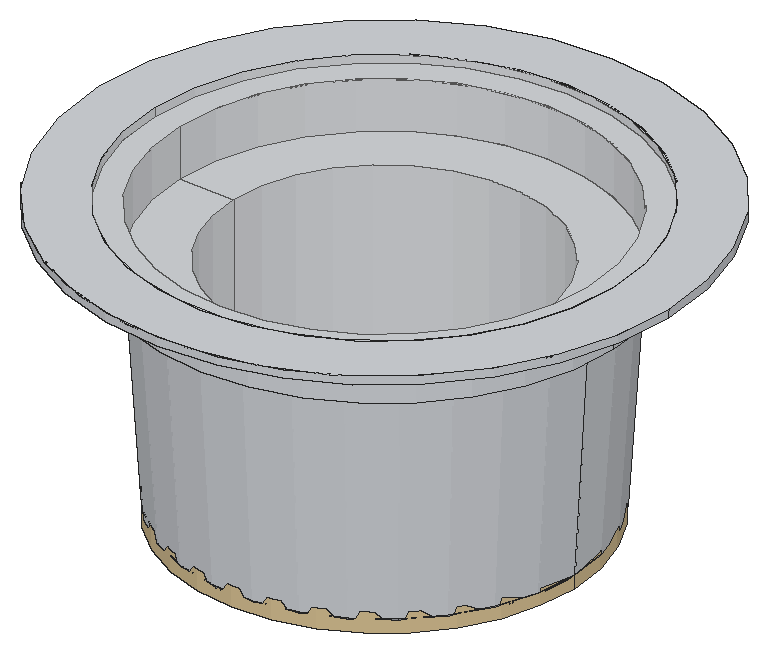
Revit family "Lighting-CommercialSector-GEWISS-ELIA-AL-LED_ACCENT_D145", category Apparecchi per illuminazione, host Superficie, Revit 2019 (continued)
Types (16, lengths in mm): name | Technical sheet | Optic | built-in parameter 1150142 | Lumen output (lm) | Model | IDT | File diagramma fotometrico | Description | Colour temperature: | Colour temperature
  GWF1410GG840 - ELIA AL S2 40K 36° ST.ALONE ON/OFF CRI80 | "https://www.gewiss.com/ww/en/search?q=GWF1100VC846" | "36°" | "IESNA:LM-63-1995\r\n[TEST] 1\r\n[DATE] 27 Nov 2019\r\n[MANUFAC] GEWISS\r\n[LUMCAT] GWF1410GG840\r\n[LUMINAIRE] ELIA AL - S2 36° LED840 18W\r\n[FLASHAREA] 0.002016\r\n[LAMPCAT] LED 18W/2030lm\r\n[LAMP] LED 18W/2030lm\r\nTILT=NONE\r\n1 2030.00 1.0 91 4 1 2 -0.103 0.000 0.000\r\n1.00 1.00 18.00\r\n0.00 1.00 2.00 3.00 4.00 5.00 6.00 7.00 8.00 9.00 10.00 \r\n11.00 12.00 13.00 14.00 15.00 16.00 17.00 18.00 19.00 \r\n20.00 21.00 22.00 23.00 24.00 25.00 26.00 27.00 28.00 \r\n29.00 30.00 31.00 32.00 33.00 34.00 35.00 36.00 37.00 \r\n38.00 39.00 40.00 41.00 42.00 43.00 44.00 45.00 46.00 \r\n47.00 48.00 49.00 50.00 51.00 52.00 53.00 54.00 55.00 \r\n56.00 57.00 58.00 59.00 60.00 61.00 62.00 63.00 64.00 \r\n65.00 66.00 67.00 68.00 69.00 70.00 71.00 72.00 73.00 \r\n74.00 75.00 76.00 77.00 78.00 79.00 80.00 81.00 82.00 \r\n83.00 84.00 85.00 86.00 87.00 88.00 89.00 90.00 \r\n0.00 30.00 60.00 90.00 \r\n4384.80 4371.60 4342.17 4301.57 4251.84 4183.83 4092.48 \r\n3996.05 3877.30 3746.36 3603.25 3442.88 3271.34 3088.64 \r\n2897.82 2707.00 2508.06 2312.37 2120.33 1936.21 1759.30 \r\n1595.78 1445.66 1301.74 1178.11 1066.36 965.57 877.97 \r\n799.01 728.87 666.75 611.13 560.79 515.01 474.21 436.96 \r\n400.82 368.34 337.59 309.27 280.04 253.04 226.18 197.86 \r\n169.18 140.09 111.73 87.76 67.22 48.19 32.87 23.25 17.20 \r\n11.67 7.91 5.84 4.59 3.70 3.04 2.51 2.13 1.83 1.55 1.38 \r\n1.24 1.11 1.05 1.00 0.94 0.90 0.83 0.80 0.74 0.69 0.65 \r\n0.59 0.54 0.49 0.41 0.34 0.25 0.16 0.11 0.04 0.00 0.00 \r\n0.00 0.00 0.00 0.00 0.00 \r\n4369.57 4361.45 4332.02 4294.46 4238.13 4173.17 4087.40 \r\n3989.96 3874.76 3740.27 3593.10 3431.71 3260.18 3077.99 \r\n2891.73 2699.90 2504.00 2309.18 2118.36 1932.10 1757.88 \r\n1593.40 1443.74 1306.46 1180.24 1068.03 968.06 879.35 \r\n800.68 731.00 668.53 613.92 565.20 520.59 480.96 443.91 \r\n410.31 377.33 347.43 319.07 290.54 262.86 236.01 206.14 \r\n176.79 146.31 116.01 89.18 66.30 46.79 32.01 22.44 16.02 \r\n10.52 7.30 5.52 4.38 3.60 2.99 2.51 2.13 1.82 1.54 1.36 \r\n1.24 1.13 1.06 1.02 0.98 0.90 0.85 0.81 0.75 0.71 0.65 \r\n0.60 0.54 0.48 0.41 0.33 0.25 0.15 0.08 0.04 0.00 0.00 \r\n0.00 0.00 0.00 0.00 0.00 \r\n4370.59 4360.44 4336.59 4295.48 4243.71 4177.23 4095.52 \r\n3993.01 3878.82 3741.80 3595.13 3432.22 3259.16 3080.02 \r\n2893.76 2701.93 2507.05 2312.47 2120.44 1938.45 1762.55 \r\n1599.49 1451.45 1314.63 1189.48 1076.51 975.57 886.40 \r\n806.67 737.04 675.23 620.88 572.92 529.93 491.67 456.39 \r\n423.81 392.70 362.86 333.88 306.58 278.58 250.39 220.55 \r\n189.44 156.68 123.06 91.23 64.50 45.12 31.61 21.67 14.00 \r\n9.26 6.75 5.29 4.29 3.54 2.98 2.54 2.14 1.79 1.54 1.37 \r\n1.25 1.16 1.10 1.04 0.98 0.93 0.87 0.83 0.77 0.72 0.67 \r\n0.62 0.56 0.49 0.43 0.35 0.25 0.18 0.12 0.05 0.00 0.00 \r\n0.00 0.00 0.00 0.00 0.00 \r\n4370.59 4359.42 4338.11 4298.52 4242.70 4176.72 4092.48 \r\n3988.95 3873.24 3746.36 3595.13 3431.71 3260.18 3078.49 \r\n2892.75 2703.96 2509.08 2315.21 2123.68 1939.36 1767.11 \r\n1606.74 1460.08 1317.88 1193.13 1079.86 978.76 888.84 \r\n810.07 739.33 676.80 622.30 575.40 533.48 496.23 459.39 \r\n427.72 397.27 367.02 338.60 311.60 283.98 255.13 224.89 \r\n192.92 159.33 123.50 89.24 60.62 42.72 31.53 21.00 12.88 \r\n8.78 6.64 5.25 4.29 3.56 3.01 2.57 2.16 1.80 1.57 1.36 \r\n1.26 1.18 1.12 1.06 1.00 0.96 0.89 0.84 0.79 0.75 0.68 \r\n0.63 0.57 0.50 0.44 0.36 0.26 0.19 0.14 0.03 0.00 0.00 \r\n0.00 0.00 0.00 0.00 0.00 \r\n" | "2030" | "GWF1410GG840" | "c74fc45e-5331-465a-8a47-f05de2238447" | "GWF1410GG840.IES" | "ELIA AL S2 40K 36° ST.ALONE ON/OFF CRI80" | "4000K" | "4000K"
  GWF1410GG940 - ELIA AL S2 40K 36° ST.ALONE ON/OFF CRI90 | "https://www.gewiss.com/ww/en/search?q=GWF1100VC847" | "36°" | "IESNA:LM-63-1995\r\n[TEST] 1\r\n[DATE] 27 Nov 2019\r\n[MANUFAC] GEWISS\r\n[LUMCAT] GWF1410GG940\r\n[LUMINAIRE] ELIA AL - S2 36° LED940 18W\r\n[FLASHAREA] 0.002016\r\n[LAMPCAT] LED 18W/1700lm\r\n[LAMP] LED 18W/1700lm\r\nTILT=NONE\r\n1 1700.00 1.0 91 4 1 2 -0.103 0.000 0.000\r\n1.00 1.00 18.00\r\n0.00 1.00 2.00 3.00 4.00 5.00 6.00 7.00 8.00 9.00 10.00 \r\n11.00 12.00 13.00 14.00 15.00 16.00 17.00 18.00 19.00 \r\n20.00 21.00 22.00 23.00 24.00 25.00 26.00 27.00 28.00 \r\n29.00 30.00 31.00 32.00 33.00 34.00 35.00 36.00 37.00 \r\n38.00 39.00 40.00 41.00 42.00 43.00 44.00 45.00 46.00 \r\n47.00 48.00 49.00 50.00 51.00 52.00 53.00 54.00 55.00 \r\n56.00 57.00 58.00 59.00 60.00 61.00 62.00 63.00 64.00 \r\n65.00 66.00 67.00 68.00 69.00 70.00 71.00 72.00 73.00 \r\n74.00 75.00 76.00 77.00 78.00 79.00 80.00 81.00 82.00 \r\n83.00 84.00 85.00 86.00 87.00 88.00 89.00 90.00 \r\n0.00 30.00 60.00 90.00 \r\n3672.00 3660.95 3636.30 3602.30 3560.65 3503.70 3427.20 \r\n3346.45 3247.00 3137.35 3017.50 2883.20 2739.55 2586.55 \r\n2426.75 2266.95 2100.35 1936.47 1775.65 1621.46 1473.30 \r\n1336.37 1210.65 1090.13 986.60 893.01 808.60 735.25 \r\n669.12 610.38 558.37 511.79 469.63 431.29 397.12 365.93 \r\n335.66 308.46 282.71 259.00 234.51 211.91 189.41 165.70 \r\n141.68 117.32 93.57 73.49 56.30 40.36 27.53 19.47 14.40 \r\n9.78 6.63 4.89 3.84 3.10 2.54 2.10 1.78 1.53 1.30 1.15 \r\n1.04 0.93 0.88 0.83 0.78 0.75 0.70 0.67 0.62 0.58 0.54 \r\n0.49 0.46 0.41 0.34 0.28 0.21 0.13 0.09 0.04 0.00 0.00 \r\n0.00 0.00 0.00 0.00 0.00 \r\n3659.25 3652.45 3627.80 3596.35 3549.17 3494.78 3422.95 \r\n3341.35 3244.88 3132.25 3009.00 2873.85 2730.20 2577.63 \r\n2421.65 2261.00 2096.95 1933.79 1773.99 1618.02 1472.12 \r\n1334.37 1209.04 1094.08 988.38 894.41 810.69 736.40 \r\n670.52 612.17 559.85 514.12 473.32 435.96 402.77 371.75 \r\n343.61 315.99 290.95 267.20 243.31 220.13 197.64 172.63 \r\n148.05 122.52 97.16 74.68 55.52 39.18 26.81 18.79 13.41 \r\n8.81 6.11 4.62 3.67 3.01 2.50 2.10 1.79 1.52 1.29 1.14 \r\n1.04 0.95 0.89 0.85 0.82 0.75 0.71 0.67 0.63 0.60 0.54 \r\n0.50 0.46 0.40 0.34 0.28 0.21 0.13 0.06 0.04 0.00 0.00 \r\n0.00 0.00 0.00 0.00 0.00 \r\n3660.10 3651.60 3631.63 3597.20 3553.85 3498.17 3429.75 \r\n3343.90 3248.28 3133.53 3010.70 2874.28 2729.35 2579.32 \r\n2423.35 2262.70 2099.50 1936.56 1775.73 1623.33 1476.02 \r\n1339.47 1215.50 1100.92 996.12 901.51 816.98 742.30 \r\n675.54 617.23 565.46 519.95 479.78 443.79 411.74 382.20 \r\n354.92 328.86 303.88 279.61 256.74 233.29 209.68 184.70 \r\n158.64 131.21 103.05 76.40 54.02 37.79 26.47 18.14 11.73 \r\n7.75 5.66 4.43 3.59 2.97 2.49 2.12 1.79 1.50 1.29 1.15 \r\n1.04 0.97 0.92 0.87 0.82 0.78 0.73 0.69 0.65 0.60 0.56 \r\n0.52 0.47 0.41 0.36 0.29 0.21 0.15 0.10 0.04 0.00 0.00 \r\n0.00 0.00 0.00 0.00 0.00 \r\n3660.10 3650.75 3632.90 3599.75 3553.00 3497.75 3427.20 \r\n3340.50 3243.60 3137.35 3010.70 2873.85 2730.20 2578.05 \r\n2422.50 2264.40 2101.20 1938.85 1778.46 1624.10 1479.85 \r\n1345.55 1222.72 1103.64 999.17 904.32 819.65 744.35 \r\n678.38 619.14 566.78 521.13 481.86 446.76 415.56 384.71 \r\n358.19 332.69 307.36 283.56 260.95 237.81 213.66 188.33 \r\n161.56 133.43 103.42 74.73 50.76 35.78 26.40 17.58 10.78 \r\n7.35 5.56 4.40 3.59 2.98 2.52 2.15 1.81 1.51 1.31 1.14 \r\n1.06 0.99 0.94 0.89 0.84 0.80 0.75 0.70 0.67 0.63 0.57 \r\n0.53 0.48 0.42 0.37 0.30 0.22 0.16 0.12 0.03 0.00 0.00 \r\n0.00 0.00 0.00 0.00 0.00 \r\n" | "1800" | "GWF1410GG940" | "f75aa58f-56a7-48f4-a8f0-7e059a3f3fe6" | "GWF1410GG940.IES" | "ELIA AL S2 40K 36° ST.ALONE ON/OFF CRI90" | "4000K" | "4000K"
  GWF1411GH840 - ELIA AL S2 40K 60° ST.ALONE DALI CRI80 | "https://www.gewiss.com/ww/en/search?q=GWF1100VC848" | "60°" | "IESNA:LM-63-1995\r\n[TEST] 1\r\n[DATE] 27 Nov 2019\r\n[MANUFAC] GEWISS\r\n[LUMCAT] GWF1411GH840\r\n[LUMINAIRE] ELIA AL - S2 60° LED840 18W - DALI\r\n[FLASHAREA] 0.002016\r\n[LAMPCAT] LED 18W/2120lm\r\n[LAMP] LED 18W/2120lm\r\nTILT=NONE\r\n1 2120.00 1.0 91 4 1 2 -0.103 0.000 0.000\r\n1.00 1.00 18.00\r\n0.00 1.00 2.00 3.00 4.00 5.00 6.00 7.00 8.00 9.00 10.00 \r\n11.00 12.00 13.00 14.00 15.00 16.00 17.00 18.00 19.00 \r\n20.00 21.00 22.00 23.00 24.00 25.00 26.00 27.00 28.00 \r\n29.00 30.00 31.00 32.00 33.00 34.00 35.00 36.00 37.00 \r\n38.00 39.00 40.00 41.00 42.00 43.00 44.00 45.00 46.00 \r\n47.00 48.00 49.00 50.00 51.00 52.00 53.00 54.00 55.00 \r\n56.00 57.00 58.00 59.00 60.00 61.00 62.00 63.00 64.00 \r\n65.00 66.00 67.00 68.00 69.00 70.00 71.00 72.00 73.00 \r\n74.00 75.00 76.00 77.00 78.00 79.00 80.00 81.00 82.00 \r\n83.00 84.00 85.00 86.00 87.00 88.00 89.00 90.00 \r\n0.00 30.00 60.00 90.00 \r\n2524.92 2527.04 2530.22 2533.40 2534.46 2530.22 2521.74 \r\n2510.08 2498.42 2484.64 2471.92 2458.14 2439.06 2414.68 \r\n2385.00 2347.90 2300.20 2244.02 2180.42 2107.17 2028.20 \r\n1942.87 1852.14 1754.94 1653.81 1547.71 1439.59 1334.43 \r\n1225.57 1117.03 1011.03 911.18 820.97 739.67 666.32 \r\n600.28 540.60 487.28 438.52 393.37 351.71 312.91 276.87 \r\n242.32 209.48 176.86 145.51 115.06 87.47 65.61 48.39 \r\n34.57 23.60 16.37 11.20 7.23 4.60 3.01 2.37 2.02 1.76 \r\n1.58 1.39 1.22 1.10 1.00 0.94 0.89 0.84 0.80 0.75 0.72 \r\n0.68 0.64 0.59 0.54 0.50 0.45 0.39 0.32 0.25 0.19 0.12 \r\n0.06 0.00 0.00 0.00 0.00 0.00 0.00 0.00 \r\n2512.20 2514.32 2518.03 2519.62 2516.97 2511.14 2503.72 \r\n2494.18 2483.58 2470.86 2459.20 2443.30 2424.22 2398.25 \r\n2367.51 2329.88 2282.71 2227.06 2163.57 2092.86 2015.43 \r\n1931.48 1842.81 1748.42 1649.31 1545.80 1439.22 1332.37 \r\n1225.31 1117.56 1010.92 912.71 823.04 741.79 669.66 \r\n604.25 544.95 491.63 442.97 398.03 355.84 316.78 280.74 \r\n246.19 212.77 180.19 148.57 117.53 89.16 66.45 49.31 \r\n35.08 23.73 16.41 11.28 7.30 4.53 3.03 2.36 1.98 1.75 \r\n1.58 1.39 1.22 1.08 0.99 0.93 0.88 0.83 0.78 0.75 0.71 \r\n0.67 0.62 0.59 0.54 0.49 0.43 0.39 0.33 0.26 0.18 0.10 \r\n0.05 0.00 0.00 0.00 0.00 0.00 0.00 0.00 \r\n2512.20 2513.79 2517.50 2519.62 2516.97 2512.20 2501.60 \r\n2489.94 2478.28 2466.09 2454.43 2439.59 2419.98 2395.60 \r\n2364.86 2327.76 2281.12 2225.47 2162.03 2091.22 2013.89 \r\n1929.84 1840.96 1746.40 1646.66 1542.62 1436.35 1329.45 \r\n1224.67 1119.15 1013.20 913.77 823.51 741.95 669.66 \r\n604.47 545.85 492.85 444.56 400.36 357.86 318.69 283.55 \r\n248.68 214.38 181.64 149.48 118.15 89.04 66.31 49.70 \r\n35.09 23.84 16.48 11.37 7.38 4.47 3.10 2.36 2.00 1.78 \r\n1.60 1.41 1.24 1.09 1.01 0.96 0.90 0.84 0.80 0.76 0.72 \r\n0.67 0.64 0.60 0.55 0.51 0.45 0.40 0.33 0.27 0.20 0.11 \r\n0.03 0.00 0.00 0.00 0.00 0.00 0.00 0.00 \r\n2512.20 2513.26 2518.56 2520.68 2520.68 2514.32 2503.72 \r\n2489.94 2476.16 2463.44 2448.60 2434.82 2414.68 2391.36 \r\n2361.68 2323.52 2275.82 2220.70 2155.51 2085.76 2007.85 \r\n1924.01 1835.18 1741.26 1642.15 1538.48 1432.27 1325.00 \r\n1222.92 1117.56 1011.24 911.92 822.45 741.68 669.92 \r\n604.52 545.58 492.58 444.78 400.57 358.07 319.27 284.40 \r\n250.27 215.05 182.26 149.59 118.44 88.82 65.97 49.80 \r\n34.93 23.87 16.54 11.48 7.47 4.43 3.16 2.40 2.04 1.82 \r\n1.65 1.47 1.29 1.12 1.05 0.98 0.92 0.87 0.82 0.78 0.73 \r\n0.69 0.65 0.62 0.56 0.51 0.46 0.40 0.35 0.27 0.20 0.11 \r\n0.02 0.00 0.00 0.00 0.00 0.00 0.00 0.00 \r\n" | "2120" | "GWF1411GH840" | "667133ee-599f-45c0-937f-e0b86aa15917" | "GWF1411GH840.IES" | "ELIA AL S2 40K 60° ST.ALONE DALI CRI80" | "4000K" | "4000K"
  GWF1411GH940 - ELIA AL S2 40K 60° ST.ALONE DALI CRI90 | "https://www.gewiss.com/ww/en/search?q=GWF1100VC849" | "60°" | "IESNA:LM-63-1995\r\n[TEST] 1\r\n[DATE] 27 Nov 2019\r\n[MANUFAC] GEWISS\r\n[LUMCAT] GWF1411GH940\r\n[LUMINAIRE] ELIA AL - S2 60° LED940 18W - DALI\r\n[FLASHAREA] 0.002016\r\n[LAMPCAT] LED 18W/1800lm\r\n[LAMP] LED 18W/1800lm\r\nTILT=NONE\r\n1 1800.00 1.0 91 4 1 2 -0.103 0.000 0.000\r\n1.00 1.00 18.00\r\n0.00 1.00 2.00 3.00 4.00 5.00 6.00 7.00 8.00 9.00 10.00 \r\n11.00 12.00 13.00 14.00 15.00 16.00 17.00 18.00 19.00 \r\n20.00 21.00 22.00 23.00 24.00 25.00 26.00 27.00 28.00 \r\n29.00 30.00 31.00 32.00 33.00 34.00 35.00 36.00 37.00 \r\n38.00 39.00 40.00 41.00 42.00 43.00 44.00 45.00 46.00 \r\n47.00 48.00 49.00 50.00 51.00 52.00 53.00 54.00 55.00 \r\n56.00 57.00 58.00 59.00 60.00 61.00 62.00 63.00 64.00 \r\n65.00 66.00 67.00 68.00 69.00 70.00 71.00 72.00 73.00 \r\n74.00 75.00 76.00 77.00 78.00 79.00 80.00 81.00 82.00 \r\n83.00 84.00 85.00 86.00 87.00 88.00 89.00 90.00 \r\n0.00 30.00 60.00 90.00 \r\n2143.80 2145.60 2148.30 2151.00 2151.90 2148.30 2141.10 \r\n2131.20 2121.30 2109.60 2098.80 2087.10 2070.90 2050.20 \r\n2025.00 1993.50 1953.00 1905.30 1851.30 1789.11 1722.06 \r\n1649.61 1572.57 1490.04 1404.18 1314.09 1222.29 1133.01 \r\n1040.58 948.42 858.42 773.64 697.05 628.02 565.74 509.67 \r\n459.00 413.73 372.33 333.99 298.62 265.68 235.08 205.74 \r\n177.86 150.16 123.54 97.69 74.27 55.71 41.09 29.35 20.04 \r\n13.90 9.51 6.14 3.91 2.56 2.01 1.71 1.49 1.34 1.18 1.03 \r\n0.93 0.85 0.80 0.75 0.71 0.68 0.63 0.61 0.57 0.54 0.50 \r\n0.46 0.42 0.38 0.33 0.27 0.21 0.16 0.10 0.05 0.00 0.00 \r\n0.00 0.00 0.00 0.00 0.00 \r\n2133.00 2134.80 2137.95 2139.30 2137.05 2132.10 2125.80 \r\n2117.70 2108.70 2097.90 2088.00 2074.50 2058.30 2036.25 \r\n2010.15 1978.20 1938.15 1890.90 1836.99 1776.96 1711.21 \r\n1639.94 1564.65 1484.51 1400.36 1312.47 1221.98 1131.26 \r\n1040.36 948.87 858.33 774.94 698.81 629.82 568.58 513.04 \r\n462.69 417.42 376.11 337.95 302.13 268.97 238.37 209.03 \r\n180.66 152.99 126.15 99.79 75.70 56.42 41.86 29.79 20.15 \r\n13.93 9.58 6.20 3.85 2.57 2.00 1.68 1.49 1.34 1.18 1.03 \r\n0.92 0.84 0.79 0.75 0.70 0.67 0.63 0.60 0.57 0.53 0.50 \r\n0.46 0.41 0.37 0.33 0.28 0.22 0.16 0.09 0.04 0.00 0.00 \r\n0.00 0.00 0.00 0.00 0.00 \r\n2133.00 2134.35 2137.50 2139.30 2137.05 2133.00 2124.00 \r\n2114.10 2104.20 2093.85 2083.95 2071.35 2054.70 2034.00 \r\n2007.90 1976.40 1936.80 1889.55 1835.69 1775.57 1709.91 \r\n1638.54 1563.08 1482.80 1398.11 1309.77 1219.55 1128.78 \r\n1039.82 950.22 860.26 775.85 699.21 629.96 568.58 513.23 \r\n463.46 418.45 377.46 339.93 303.84 270.58 240.75 211.14 \r\n182.02 154.22 126.92 100.32 75.60 56.30 42.20 29.79 20.24 \r\n13.99 9.65 6.27 3.80 2.63 2.00 1.69 1.51 1.36 1.20 1.05 \r\n0.93 0.85 0.81 0.76 0.72 0.68 0.64 0.61 0.57 0.54 0.51 \r\n0.46 0.43 0.38 0.34 0.28 0.23 0.17 0.10 0.02 0.00 0.00 \r\n0.00 0.00 0.00 0.00 0.00 \r\n2133.00 2133.90 2138.40 2140.20 2140.20 2134.80 2125.80 \r\n2114.10 2102.40 2091.60 2079.00 2067.30 2050.20 2030.40 \r\n2005.20 1972.80 1932.30 1885.50 1830.15 1770.93 1704.78 \r\n1633.59 1558.17 1478.43 1394.28 1306.26 1216.08 1125.00 \r\n1038.33 948.87 858.60 774.27 698.31 629.73 568.80 513.27 \r\n463.23 418.23 377.64 340.11 304.02 271.08 241.47 212.49 \r\n182.59 154.75 127.01 100.57 75.41 56.02 42.28 29.66 20.27 \r\n14.05 9.74 6.34 3.76 2.68 2.04 1.73 1.54 1.40 1.24 1.10 \r\n0.95 0.89 0.83 0.78 0.73 0.70 0.66 0.62 0.59 0.55 0.52 \r\n0.47 0.44 0.39 0.34 0.30 0.23 0.17 0.10 0.02 0.00 0.00 \r\n0.00 0.00 0.00 0.00 0.00 \r\n" | "1900" | "GWF1411GH940" | "40448338-f630-44a4-b37d-0c013efb62a7" | "GWF1411GH940.IES" | "ELIA AL S2 40K 60° ST.ALONE DALI CRI90" | "4000K" | "4000K"
  GWF1410GH840 - ELIA AL S2 40K 60° ST.ALONE ON/OFF CRI80 | "https://www.gewiss.com/ww/en/search?q=GWF1100VC850" | "60°" | "IESNA:LM-63-1995\r\n[TEST] 1\r\n[DATE] 27 Nov 2019\r\n[MANUFAC] GEWISS\r\n[LUMCAT] GWF1410GH840\r\n[LUMINAIRE] ELIA AL - S2 60° LED840 18W\r\n[FLASHAREA] 0.002016\r\n[LAMPCAT] LED 18W/2120lm\r\n[LAMP] LED 18W/2120lm\r\nTILT=NONE\r\n1 2120.00 1.0 91 4 1 2 -0.103 0.000 0.000\r\n1.00 1.00 18.00\r\n0.00 1.00 2.00 3.00 4.00 5.00 6.00 7.00 8.00 9.00 10.00 \r\n11.00 12.00 13.00 14.00 15.00 16.00 17.00 18.00 19.00 \r\n20.00 21.00 22.00 23.00 24.00 25.00 26.00 27.00 28.00 \r\n29.00 30.00 31.00 32.00 33.00 34.00 35.00 36.00 37.00 \r\n38.00 39.00 40.00 41.00 42.00 43.00 44.00 45.00 46.00 \r\n47.00 48.00 49.00 50.00 51.00 52.00 53.00 54.00 55.00 \r\n56.00 57.00 58.00 59.00 60.00 61.00 62.00 63.00 64.00 \r\n65.00 66.00 67.00 68.00 69.00 70.00 71.00 72.00 73.00 \r\n74.00 75.00 76.00 77.00 78.00 79.00 80.00 81.00 82.00 \r\n83.00 84.00 85.00 86.00 87.00 88.00 89.00 90.00 \r\n0.00 30.00 60.00 90.00 \r\n2524.92 2527.04 2530.22 2533.40 2534.46 2530.22 2521.74 \r\n2510.08 2498.42 2484.64 2471.92 2458.14 2439.06 2414.68 \r\n2385.00 2347.90 2300.20 2244.02 2180.42 2107.17 2028.20 \r\n1942.87 1852.14 1754.94 1653.81 1547.71 1439.59 1334.43 \r\n1225.57 1117.03 1011.03 911.18 820.97 739.67 666.32 \r\n600.28 540.60 487.28 438.52 393.37 351.71 312.91 276.87 \r\n242.32 209.48 176.86 145.51 115.06 87.47 65.61 48.39 \r\n34.57 23.60 16.37 11.20 7.23 4.60 3.01 2.37 2.02 1.76 \r\n1.58 1.39 1.22 1.10 1.00 0.94 0.89 0.84 0.80 0.75 0.72 \r\n0.68 0.64 0.59 0.54 0.50 0.45 0.39 0.32 0.25 0.19 0.12 \r\n0.06 0.00 0.00 0.00 0.00 0.00 0.00 0.00 \r\n2512.20 2514.32 2518.03 2519.62 2516.97 2511.14 2503.72 \r\n2494.18 2483.58 2470.86 2459.20 2443.30 2424.22 2398.25 \r\n2367.51 2329.88 2282.71 2227.06 2163.57 2092.86 2015.43 \r\n1931.48 1842.81 1748.42 1649.31 1545.80 1439.22 1332.37 \r\n1225.31 1117.56 1010.92 912.71 823.04 741.79 669.66 \r\n604.25 544.95 491.63 442.97 398.03 355.84 316.78 280.74 \r\n246.19 212.77 180.19 148.57 117.53 89.16 66.45 49.31 \r\n35.08 23.73 16.41 11.28 7.30 4.53 3.03 2.36 1.98 1.75 \r\n1.58 1.39 1.22 1.08 0.99 0.93 0.88 0.83 0.78 0.75 0.71 \r\n0.67 0.62 0.59 0.54 0.49 0.43 0.39 0.33 0.26 0.18 0.10 \r\n0.05 0.00 0.00 0.00 0.00 0.00 0.00 0.00 \r\n2512.20 2513.79 2517.50 2519.62 2516.97 2512.20 2501.60 \r\n2489.94 2478.28 2466.09 2454.43 2439.59 2419.98 2395.60 \r\n2364.86 2327.76 2281.12 2225.47 2162.03 2091.22 2013.89 \r\n1929.84 1840.96 1746.40 1646.66 1542.62 1436.35 1329.45 \r\n1224.67 1119.15 1013.20 913.77 823.51 741.95 669.66 \r\n604.47 545.85 492.85 444.56 400.36 357.86 318.69 283.55 \r\n248.68 214.38 181.64 149.48 118.15 89.04 66.31 49.70 \r\n35.09 23.84 16.48 11.37 7.38 4.47 3.10 2.36 2.00 1.78 \r\n1.60 1.41 1.24 1.09 1.01 0.96 0.90 0.84 0.80 0.76 0.72 \r\n0.67 0.64 0.60 0.55 0.51 0.45 0.40 0.33 0.27 0.20 0.11 \r\n0.03 0.00 0.00 0.00 0.00 0.00 0.00 0.00 \r\n2512.20 2513.26 2518.56 2520.68 2520.68 2514.32 2503.72 \r\n2489.94 2476.16 2463.44 2448.60 2434.82 2414.68 2391.36 \r\n2361.68 2323.52 2275.82 2220.70 2155.51 2085.76 2007.85 \r\n1924.01 1835.18 1741.26 1642.15 1538.48 1432.27 1325.00 \r\n1222.92 1117.56 1011.24 911.92 822.45 741.68 669.92 \r\n604.52 545.58 492.58 444.78 400.57 358.07 319.27 284.40 \r\n250.27 215.05 182.26 149.59 118.44 88.82 65.97 49.80 \r\n34.93 23.87 16.54 11.48 7.47 4.43 3.16 2.40 2.04 1.82 \r\n1.65 1.47 1.29 1.12 1.05 0.98 0.92 0.87 0.82 0.78 0.73 \r\n0.69 0.65 0.62 0.56 0.51 0.46 0.40 0.35 0.27 0.20 0.11 \r\n0.02 0.00 0.00 0.00 0.00 0.00 0.00 0.00 \r\n" | "2120" | "GWF1410GH840" | "16aa70c8-4c66-460e-92ca-840148c706a6" | "GWF1410GH840.IES" | "ELIA AL S2 40K 60° ST.ALONE ON/OFF CRI80" | "4000K" | "4000K"
  GWF1410GH940 - ELIA AL S2 40K 60° ST.ALONE ON/OFF CRI90 | "https://www.gewiss.com/ww/en/search?q=GWF1100VC851" | "60°" | "IESNA:LM-63-1995\r\n[TEST] 1\r\n[DATE] 27 Nov 2019\r\n[MANUFAC] GEWISS\r\n[LUMCAT] GWF1410GH940\r\n[LUMINAIRE] ELIA AL - S2 60° LED940 18W\r\n[FLASHAREA] 0.002016\r\n[LAMPCAT] LED 18W/1800lm\r\n[LAMP] LED 18W/1800lm\r\nTILT=NONE\r\n1 1800.00 1.0 91 4 1 2 -0.103 0.000 0.000\r\n1.00 1.00 18.00\r\n0.00 1.00 2.00 3.00 4.00 5.00 6.00 7.00 8.00 9.00 10.00 \r\n11.00 12.00 13.00 14.00 15.00 16.00 17.00 18.00 19.00 \r\n20.00 21.00 22.00 23.00 24.00 25.00 26.00 27.00 28.00 \r\n29.00 30.00 31.00 32.00 33.00 34.00 35.00 36.00 37.00 \r\n38.00 39.00 40.00 41.00 42.00 43.00 44.00 45.00 46.00 \r\n47.00 48.00 49.00 50.00 51.00 52.00 53.00 54.00 55.00 \r\n56.00 57.00 58.00 59.00 60.00 61.00 62.00 63.00 64.00 \r\n65.00 66.00 67.00 68.00 69.00 70.00 71.00 72.00 73.00 \r\n74.00 75.00 76.00 77.00 78.00 79.00 80.00 81.00 82.00 \r\n83.00 84.00 85.00 86.00 87.00 88.00 89.00 90.00 \r\n0.00 30.00 60.00 90.00 \r\n2143.80 2145.60 2148.30 2151.00 2151.90 2148.30 2141.10 \r\n2131.20 2121.30 2109.60 2098.80 2087.10 2070.90 2050.20 \r\n2025.00 1993.50 1953.00 1905.30 1851.30 1789.11 1722.06 \r\n1649.61 1572.57 1490.04 1404.18 1314.09 1222.29 1133.01 \r\n1040.58 948.42 858.42 773.64 697.05 628.02 565.74 509.67 \r\n459.00 413.73 372.33 333.99 298.62 265.68 235.08 205.74 \r\n177.86 150.16 123.54 97.69 74.27 55.71 41.09 29.35 20.04 \r\n13.90 9.51 6.14 3.91 2.56 2.01 1.71 1.49 1.34 1.18 1.03 \r\n0.93 0.85 0.80 0.75 0.71 0.68 0.63 0.61 0.57 0.54 0.50 \r\n0.46 0.42 0.38 0.33 0.27 0.21 0.16 0.10 0.05 0.00 0.00 \r\n0.00 0.00 0.00 0.00 0.00 \r\n2133.00 2134.80 2137.95 2139.30 2137.05 2132.10 2125.80 \r\n2117.70 2108.70 2097.90 2088.00 2074.50 2058.30 2036.25 \r\n2010.15 1978.20 1938.15 1890.90 1836.99 1776.96 1711.21 \r\n1639.94 1564.65 1484.51 1400.36 1312.47 1221.98 1131.26 \r\n1040.36 948.87 858.33 774.94 698.81 629.82 568.58 513.04 \r\n462.69 417.42 376.11 337.95 302.13 268.97 238.37 209.03 \r\n180.66 152.99 126.15 99.79 75.70 56.42 41.86 29.79 20.15 \r\n13.93 9.58 6.20 3.85 2.57 2.00 1.68 1.49 1.34 1.18 1.03 \r\n0.92 0.84 0.79 0.75 0.70 0.67 0.63 0.60 0.57 0.53 0.50 \r\n0.46 0.41 0.37 0.33 0.28 0.22 0.16 0.09 0.04 0.00 0.00 \r\n0.00 0.00 0.00 0.00 0.00 \r\n2133.00 2134.35 2137.50 2139.30 2137.05 2133.00 2124.00 \r\n2114.10 2104.20 2093.85 2083.95 2071.35 2054.70 2034.00 \r\n2007.90 1976.40 1936.80 1889.55 1835.69 1775.57 1709.91 \r\n1638.54 1563.08 1482.80 1398.11 1309.77 1219.55 1128.78 \r\n1039.82 950.22 860.26 775.85 699.21 629.96 568.58 513.23 \r\n463.46 418.45 377.46 339.93 303.84 270.58 240.75 211.14 \r\n182.02 154.22 126.92 100.32 75.60 56.30 42.20 29.79 20.24 \r\n13.99 9.65 6.27 3.80 2.63 2.00 1.69 1.51 1.36 1.20 1.05 \r\n0.93 0.85 0.81 0.76 0.72 0.68 0.64 0.61 0.57 0.54 0.51 \r\n0.46 0.43 0.38 0.34 0.28 0.23 0.17 0.10 0.02 0.00 0.00 \r\n0.00 0.00 0.00 0.00 0.00 \r\n2133.00 2133.90 2138.40 2140.20 2140.20 2134.80 2125.80 \r\n2114.10 2102.40 2091.60 2079.00 2067.30 2050.20 2030.40 \r\n2005.20 1972.80 1932.30 1885.50 1830.15 1770.93 1704.78 \r\n1633.59 1558.17 1478.43 1394.28 1306.26 1216.08 1125.00 \r\n1038.33 948.87 858.60 774.27 698.31 629.73 568.80 513.27 \r\n463.23 418.23 377.64 340.11 304.02 271.08 241.47 212.49 \r\n182.59 154.75 127.01 100.57 75.41 56.02 42.28 29.66 20.27 \r\n14.05 9.74 6.34 3.76 2.68 2.04 1.73 1.54 1.40 1.24 1.10 \r\n0.95 0.89 0.83 0.78 0.73 0.70 0.66 0.62 0.59 0.55 0.52 \r\n0.47 0.44 0.39 0.34 0.30 0.23 0.17 0.10 0.02 0.00 0.00 \r\n0.00 0.00 0.00 0.00 0.00 \r\n" | "1900" | "GWF1410GH940" | "6da8cdea-4e7c-4616-b272-1b847f96dca8" | "GWF1410GH940.IES" | "ELIA AL S2 40K 60° ST.ALONE ON/OFF CRI90" | "4000K" | "4000K"
